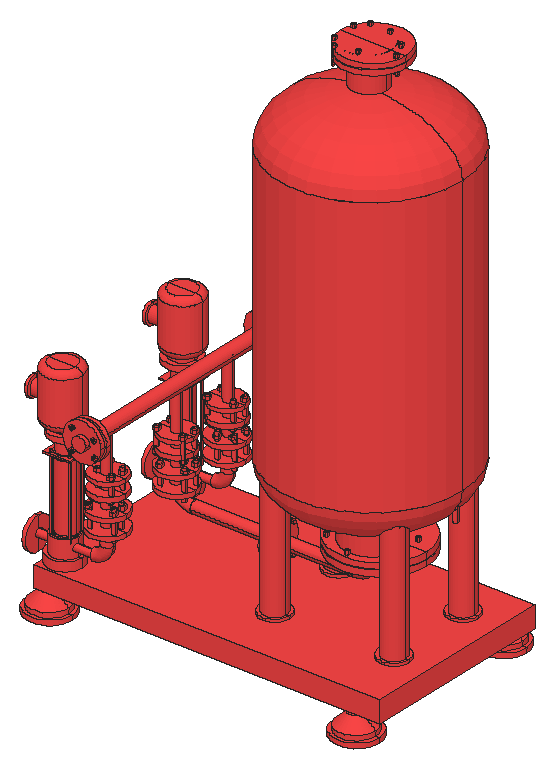
Revit family "设备111", category 常规模型, Revit 2016
Family settings
  零件类型 = 标准
  可将钢筋附着到主体 = 否
  圆形连接件大小 = 使用直径
  基于工作平面 = 否
  总是垂直 = 是
  加载时剪切的空心 = 是
  共享 = 否
  房间计算点 = 否
Parameters
  罐体 = 罐体
  124 = 罐体
Reference planes (cm)
  plane 1 "中心(前/后)": y = 0
  plane 2: z = 0
  plane 3 "中心(左/右)": x = 0
  plane 4: y = 0
  plane 5: y = -800
  plane 6: y = -690
  plane 7: y = -110
  plane 8: y = -138.8914
  plane 9: y = -119.84
  plane 10: y = 43
  plane 11: y = -818
  plane 12: y = -823
  plane 13: y = -841
  plane 14: y = -400
  plane 15: y = -425
  plane 16: y = -375
  plane 17: y = -650
  plane 18: y = -730
  plane 19: x = 423.2275
  plane 20: z = -624.2127
  plane 21: x = -606.7725
  plane 22: z = -689.2127
  plane 23: x = -416.7725
  plane 24: x = -676.7725
  plane 25: x = 823.2275
  plane 26: z = -250.2066
  plane 27: z = 0
  plane 28: z = -47.2066
  plane 29: z = -223.2066
  plane 30: y = -610
  plane 31: y = -770
  plane 32: x = 24.0846
  plane 33: x = -265.9154
  plane 34: y = -651.3887
  plane 35: y = -841.3887
  plane 36: x = -265.9154
  plane 37: x = -375.9154
  plane 38: x = 314.0846
  plane 39: x = 424.0846
  plane 40: z = -472.8651
  plane 41: z = -626.2507
Forms (cm)
  Extrusion 1, solid, material "罐体" <- "124"
    sketch origin (-6.9002, 0, -7.6669) x (1, 0, 0) y (0, 0, 1)
      loop
        circle (-416.7725, -181.2127) r 29.5
    from -122.2216 to 920
  Extrusion 2, solid, material "罐体" <- "罐体"
    sketch origin (-6.5169, 1001.2647, -7.7921) x (1, 0, 0) y (0, 0, 1)
      loop
        circle (-416.7725, -181.2127) r 49.5
      loop
        circle (-416.7725, -181.2127) r 29.5
    from 886.4502 to 896
  Extrusion 3, solid, material "罐体" <- "罐体"
    sketch origin (-7.2836, 98.2409, -8.2098) x (1, 0, 0) y (0, 0, 1)
      loop
        circle (-416.7725, -181.2127) r 82.5
    from 0 to 18
  Extrusion 4, solid, material "罐体" <- "罐体"
    sketch origin (-8.8343, -881.7591, -8.236) x (1, 0, 0) y (0, 0, 1)
      loop
        circle (-416.7725, -181.2127) r 82.5
    from 0 to 18
  Extrusion 5, solid, material "罐体" <- "罐体"
    sketch origin (-6.1553, -854, -10.1728) x (1, 0, 0) y (0, 0, 1)
      loop
        circle (-416.7725, -181.2127) r 82.5
    from 0 to 18
  Extrusion 6, solid, material "罐体" <- "罐体"
    sketch origin (133.2016, 1.0486, 0) x (1, 0, 0) y (0, 1, 0)
      loop
        circle (-555.513, -394.0571) r 20
    from -563.6441 to -182.2115
  Revolve 7, solid, material "罐体" <- "124"
    sketch origin (-4.9612, -390.7995, -11.8423) x (1, 0, 0) y (0, 0, 1)
      loop
        line (-341.7725, -350.2127) -> (-416.7725, -350.2127) -> (-416.7725, -366.2127) -> (-341.7725, -366.2127) -> (-341.7725, -350.2127)
      loop
        line (-416.7725, -408.5613) -> (-416.7725, -428.2127) -> (-341.7725, -428.2127) -> (-341.7725, -408.5613) -> (-416.7725, -408.5613)
      axis (-416.7725, -428.2127) -> (-416.7725, -350.2127)
    angle from 0 to 360
  Revolve 8, solid, material "罐体" <- "罐体"
    sketch origin (-3.4688, -357.2736, 195.0828) x (1, 0, 0) y (0, 0, 1)
      loop
        line (-361.7725, -670.1116) -> (-361.7725, -790.847) -> (-353.7725, -790.847) -> (-353.7725, -670.1116) -> (-361.7725, -670.1116)
      axis (-361.7725, -670.1116) -> (-361.7725, -790.847)
    angle from 0 to 360
  Revolve 9, solid, material "罐体" <- "罐体"
    sketch origin (-98.1865, -433.8334, 206.736) x (1, 0, 0) y (0, 0, 1)
      loop
        line (-361.7725, -681.9654) -> (-361.7725, -798.4342) -> (-353.7725, -798.4342) -> (-353.7725, -681.9654) -> (-361.7725, -681.9654)
      axis (-361.7725, -681.9654) -> (-361.7725, -798.4342)
    angle from 0 to 360
  Extrusion 10, solid, material "罐体" <- "罐体"
    sketch origin (907.4322, -254.9454, 0) x (1, 0, 0) y (0, 1, 0)
      loop
        circle (-1272.9524, -102.8824) r 8
      loop
        line (-1259.2663, -107.5951) -> (-1263.1544, -93.0844) -> (-1276.5387, -89.4981) -> (-1286.3366, -99.2961) -> (-1282.7503, -112.6804) -> (-1268.2397, -116.5685) -> (-1259.2663, -107.5951)
    from -496.1309 to -481.6123
  Extrusion 11, solid, material "罐体" <- "124"
    sketch origin (0, 618.5148, -9.103) x (0, 1, 0) y (0, 0, 1)
      loop
        circle (-1010.2882, -623.5471) r 25
    from -340.7725 to 356.6256
  Revolve 12, solid, material "罐体" <- "罐体"
    sketch origin (-3.7096, -390.9169, -11.0182) x (1, 0, 0) y (0, 0, 1)
      loop
        line (423.2275, 1271.8273) -> (423.2275, -374.2127)
        spline (423.2275, -374.2127) -> (475.4379, -372.3305) -> (526.7551, -366.7164) -> (576.3008, -357.4662) -> (623.2275, -344.7383) -> (666.732, -328.7504) -> (706.0702, -309.7762) -> (740.5688, -288.1402) -> (769.6376, -264.2127) -> (792.7793, -238.403) -> (809.5978, -211.1529) -> (819.8054, -182.9284) -> (823.2275, -154.2127)
        line (823.2275, -154.2127) -> (823.2275, 1051.8273)
        spline (823.2275, 1051.8273) -> (819.8054, 1080.5431) -> (809.5978, 1108.7675) -> (792.7793, 1136.0177) -> (769.6376, 1161.8273) -> (740.5688, 1185.7548) -> (706.0702, 1207.3908) -> (666.732, 1226.3651) -> (623.2275, 1242.3529) -> (576.3008, 1255.0808) -> (526.7551, 1264.331) -> (475.4379, 1269.9452) -> (423.2275, 1271.8273)
      axis (423.2275, 1271.8273) -> (423.2275, -374.2127)
    angle from 0 to 360
  Revolve 13, solid, material "罐体" <- "罐体"
    sketch origin (-5.8258, -372.3613, -7.3376) x (1, 0, 0) y (0, 0, 1)
      loop
        line (565.7275, 1435.783) -> (423.2275, 1435.783) -> (423.2275, 1413.8273) -> (565.7275, 1413.8273) -> (565.7275, 1435.783)
      loop
        line (565.7275, 1409.8273) -> (423.2275, 1409.8273) -> (423.2275, 1387.8273) -> (565.7275, 1387.8273) -> (565.7275, 1409.8273)
      axis (423.2275, 1435.783) -> (423.2275, 1387.8273)
    angle from 0 to 360
  Revolve 14, solid, material "罐体" <- "罐体"
    sketch origin (-36.3172, -364.0298, 5.9636) x (1, 0, 0) y (0, 0, 1)
      loop
        line (528.7275, 1413.8273) -> (423.2275, 1413.8273) -> (423.2275, 1411.8273) -> (528.7275, 1411.8273) -> (528.7275, 1413.8273)
      axis (423.2275, 1413.8273) -> (423.2275, 1411.8273)
    angle from 0 to 360
  Revolve 15, solid, material "罐体" <- "罐体"
    sketch origin (-36.0473, -370.7257, 14.0522) x (1, 0, 0) y (0, 0, 1)
      loop
        line (528.7275, 1409.8273) -> (528.7275, 1411.8273) -> (423.2275, 1411.8273) -> (423.2275, 1409.8273) -> (528.7275, 1409.8273)
      axis (423.2275, 1411.8273) -> (423.2275, 1409.8273)
    angle from 0 to 360
  Revolve 16, solid, material "罐体" <- "罐体"
    sketch origin (-31.358, -364.2709, -15.8979) x (1, 0, 0) y (0, 0, 1)
      loop
        line (498.2275, 1435.783) -> (423.2275, 1435.783) -> (423.2275, 1271.8273)
        spline (423.2275, 1271.8273) -> (429.5144, 1271.8001) -> (435.7998, 1271.7186) -> (442.0821, 1271.5828) -> (448.3597, 1271.3926) -> (454.6312, 1271.1483) -> (460.8948, 1270.8497) -> (467.1492, 1270.497) -> (473.3927, 1270.0903) -> (479.6238, 1269.6297) -> (485.841, 1269.1153) -> (492.0427, 1268.5472) -> (498.2275, 1267.9255)
        line (498.2275, 1267.9255) -> (498.2275, 1435.783)
      axis (423.2275, 1435.783) -> (423.2275, 1267.9255)
    angle from 0 to 360
  Revolve 17, solid, material "罐体" <- "124"
    sketch origin (-5.5065, -380.208, -8.9189) x (1, 0, 0) y (0, 0, 1)
      loop
        spline (548.2275, -363.1946) -> (538.1897, -364.9307) -> (528.0723, -366.5209) -> (517.8824, -367.9642) -> (507.627, -369.2597) -> (497.3132, -370.4063) -> (486.9481, -371.4033) -> (476.5389, -372.25) -> (466.0929, -372.9458) -> (455.6172, -373.4902) -> (445.119, -373.883) -> (434.6057, -374.1237) -> (424.0846, -374.2122)
        line (424.0846, -374.2122) -> (424.0846, -542.2127) -> (548.2275, -542.2127) -> (548.2275, -363.1946)
      axis (424.0846, -363.1946) -> (424.0846, -542.2127)
    angle from 0 to 360
  Revolve 18, solid, material "罐体" <- "124"
    sketch origin (-6.7111, -335.6203, -9.4524) x (1, 0, 0) y (0, 0, 1)
      loop
        line (625.7275, -486.2127) -> (424.0846, -486.2127) -> (424.0846, -512.2127) -> (625.7275, -512.2127) -> (625.7275, -486.2127)
      loop
        line (625.7275, -516.2127) -> (424.0846, -516.2127) -> (424.0846, -542.2127) -> (625.7275, -542.2127) -> (625.7275, -516.2127)
      axis (424.0846, -486.2127) -> (424.0846, -542.2127)
    angle from 0 to 360
  Sweep 19, solid, material "罐体" <- "罐体"
    path origin (9.4094, -391.7265, -9.849) x (1, 0, 0) y (0, 0, 1)
      loop
        arc (347.2275, -624.2127) -> (403.022, -599.8291) -> (422.9574, -542.2951) r 75.9212
    profile "族4 : 族4" origin (412.4314, -391.7265, -609.6782) x (-0.734295, 0, 0.67883) y (0, -1, 0)
      loop
        circle (0, 0) r 25
  Revolve 20, solid, material "罐体" <- "罐体"
    sketch origin (-5.3537, -390.6738, -7.8969) x (1, 0, 0) y (0, 0, 1)
      loop
        line (25.2275, -541.7127) -> (25.2275, -624.2127) -> (43.2275, -624.2127) -> (43.2275, -541.7127) -> (25.2275, -541.7127)
      loop
        line (21.2275, -624.2127) -> (21.2275, -541.7127) -> (3.2275, -541.7127) -> (3.2275, -624.2127) -> (21.2275, -624.2127)
      axis (43.2275, -624.2127) -> (3.2275, -624.2127)
    angle from 0 to 360
  Revolve 21, solid, material "罐体" <- "124"
    sketch origin (17.7016, -224.2451, 15.9062) x (1, 0, 0) y (0, 0, 1)
      loop
        line (130.5125, -789.4008) -> (195.5125, -789.4008) -> (195.5125, -779.5707) -> (180.5125, -779.5707) -> (180.5125, -172.4128) -> (130.5125, -172.4128) -> (130.5125, -789.4008)
      axis (130.5125, -789.4008) -> (130.5125, -172.4128)
    angle from 0 to 360
  Revolve 22, solid, material "罐体" <- "罐体"
    sketch origin (38.5533, -597.3042, 12.9148) x (1, 0, 0) y (0, 0, 1)
      loop
        line (130.5125, -789.1001) -> (195.5125, -789.1001) -> (195.5125, -778.5462) -> (180.5125, -778.5462) -> (180.5125, -171.5359) -> (130.5125, -171.5359) -> (130.5125, -789.1001)
      axis (130.5125, -789.1001) -> (130.5125, -171.5359)
    angle from 0 to 360
  Revolve 23, solid, material "罐体" <- "124"
    sketch origin (540.3804, -202.8653, 16.5968) x (1, 0, 0) y (0, 0, 1)
      loop
        line (130.5125, -789.4008) -> (195.5125, -789.4008) -> (195.5125, -779.5707) -> (180.5125, -779.5707) -> (180.5125, -174.5638) -> (130.5125, -174.5638) -> (130.5125, -789.4008)
      axis (130.5125, -789.4008) -> (130.5125, -174.5638)
    angle from 0 to 360
  Revolve 24, solid, material "罐体" <- "124"
    sketch origin (548.9663, -588.0067, 17.35) x (1, 0, 0) y (0, 0, 1)
      loop
        line (130.5125, -789.1001) -> (195.5125, -789.1001) -> (195.5125, -778.5462) -> (180.5125, -778.5462) -> (180.5125, -171.5359) -> (130.5125, -171.5359) -> (130.5125, -789.1001)
      axis (130.5125, -789.1001) -> (130.5125, -171.5359)
    angle from 0 to 360
  Revolve 25, solid, material "罐体" <- "罐体"
    sketch origin (-96.6796, -350.7509, 209.3793) x (1, 0, 0) y (0, 0, 1)
      loop
        line (-361.7725, -686.8706) -> (-361.7725, -807.9028) -> (-353.7725, -807.9028) -> (-353.7725, -686.8706) -> (-361.7725, -686.8706)
      axis (-361.7725, -686.8706) -> (-361.7725, -807.9028)
    angle from 0 to 360
  Extrusion 26, solid, material "罐体" <- "罐体"
    sketch origin (796.256, -252.4943, 0) x (1, 0, 0) y (0, 1, 0)
      loop
        circle (-1272.9524, -102.8824) r 8
      loop
        line (-1259.5681, -106.4687) -> (-1263.1544, -93.0844) -> (-1276.5387, -89.4981) -> (-1286.3366, -99.2961) -> (-1282.7503, -112.6804) -> (-1269.3661, -116.2667) -> (-1259.5681, -106.4687)
    from -362.0549 to -349.433
  Extrusion 27, solid, material "罐体" <- "罐体"
    sketch origin (908.4563, -327.6664, 0) x (1, 0, 0) y (0, 1, 0)
      loop
        circle (-1272.9524, -102.8824) r 8
      loop
        line (-1259.5681, -106.4687) -> (-1263.1544, -93.0844) -> (-1276.5387, -89.4981) -> (-1286.3366, -99.2961) -> (-1282.7503, -112.6804) -> (-1269.3661, -116.2667) -> (-1259.5681, -106.4687)
    from -362.0549 to -349.433
  Extrusion 28, solid, material "罐体" <- "罐体"
    sketch origin (814.5401, -246.3936, 0) x (1, 0, 0) y (0, 1, 0)
      loop
        circle (-1272.9524, -102.8824) r 8
      loop
        line (-1259.5681, -106.4687) -> (-1263.1544, -93.0844) -> (-1276.5387, -89.4981) -> (-1286.3366, -99.2961) -> (-1282.7503, -112.6804) -> (-1269.3661, -116.2667) -> (-1259.5681, -106.4687)
    from -496.1309 to -483.3952
  Extrusion 29, solid, material "罐体" <- "罐体"
    sketch origin (909.8383, -316.3782, 0) x (1, 0, 0) y (0, 1, 0)
      loop
        circle (-1272.9524, -102.8824) r 8
      loop
        line (-1259.5681, -106.4687) -> (-1263.1544, -93.0844) -> (-1276.5387, -89.4981) -> (-1286.3366, -99.2961) -> (-1282.7503, -112.6804) -> (-1269.3661, -116.2667) -> (-1259.5681, -106.4687)
    from -496.1309 to -485.2867
  Extrusion 30, solid, material "罐体" <- "罐体"
    sketch origin (816.7708, -246.9913, 0) x (1, 0, 0) y (0, 1, 0)
      loop
        circle (-1272.9524, -102.8824) r 8
      loop
        line (-1259.5681, -106.4687) -> (-1263.1544, -93.0844) -> (-1276.5387, -89.4981) -> (-1286.3366, -99.2961) -> (-1282.7503, -112.6804) -> (-1269.3661, -116.2667) -> (-1259.5681, -106.4687)
    from -592.4729 to -576.1306
  Extrusion 31, solid, material "罐体" <- "罐体"
    sketch origin (904.2, -297.2677, 0) x (1, 0, 0) y (0, 1, 0)
      loop
        circle (-1272.9524, -102.8824) r 8
      loop
        line (-1259.5681, -106.4687) -> (-1263.1544, -93.0844) -> (-1276.5387, -89.4981) -> (-1286.3366, -99.2961) -> (-1282.7503, -112.6804) -> (-1269.3661, -116.2667) -> (-1259.5681, -106.4687)
    from -592.4729 to -581.6536
  Extrusion 32, solid, material "罐体" <- "罐体"
    sketch origin (905.7301, -252.4188, 0) x (1, 0, 0) y (0, 1, 0)
      loop
        circle (-1272.9524, -102.8824) r 8
      loop
        line (-1259.5681, -106.4687) -> (-1263.1544, -93.0844) -> (-1276.5387, -89.4981) -> (-1286.3366, -99.2961) -> (-1282.7503, -112.6804) -> (-1269.3661, -116.2667) -> (-1259.5681, -106.4687)
    from -592.2323 to -577.2127
  Revolve 33, solid, material "罐体" <- "罐体"
    sketch origin (-2.0512, -430.5972, 234.7143) x (1, 0, 0) y (0, 0, 1)
      loop
        line (-361.7725, -692.9034) -> (-353.7725, -692.9034) -> (-353.7725, -578.8249) -> (-361.7725, -578.8249) -> (-361.7725, -692.9034)
      axis (-361.7725, -578.8249) -> (-361.7725, -692.9034)
    angle from 0 to 360
  Revolve 34, solid, material "罐体" <- "罐体"
    sketch origin (-115.5943, -430.6567, 226.0259) x (1, 0, 0) y (0, 0, 1)
      loop
        line (-361.7725, -683.8822) -> (-353.7725, -683.8822) -> (-353.7725, -572.3107) -> (-361.7725, -572.3107) -> (-361.7725, -683.8822)
      axis (-361.7725, -572.3107) -> (-361.7725, -683.8822)
    angle from 0 to 360
  Revolve 35, solid, material "罐体" <- "罐体"
    sketch origin (-1.6028, -366.4775, 211.0158) x (1, 0, 0) y (0, 0, 1)
      loop
        line (-361.7725, -669.2027) -> (-353.7725, -669.2027) -> (-353.7725, -555.0966) -> (-361.7725, -555.0966) -> (-361.7725, -669.2027)
      axis (-361.7725, -555.0966) -> (-361.7725, -669.2027)
    angle from 0 to 360
  Revolve 36, solid, material "罐体" <- "罐体"
    sketch origin (-115.7942, -356.1167, 230.3024) x (1, 0, 0) y (0, 0, 1)
      loop
        line (-361.7725, -687.0665) -> (-353.7725, -687.0665) -> (-353.7725, -576.3844) -> (-361.7725, -576.3844) -> (-361.7725, -687.0665)
      axis (-361.7725, -576.3844) -> (-361.7725, -687.0665)
    angle from 0 to 360
  Extrusion 37, solid, material "罐体" <- "罐体"
    sketch origin (795.9294, -326.5232, 0) x (1, 0, 0) y (0, 1, 0)
      loop
        circle (-1272.9524, -102.8824) r 8
      loop
        line (-1259.5681, -106.4687) -> (-1263.1544, -93.0844) -> (-1276.5387, -89.4981) -> (-1286.3366, -99.2961) -> (-1282.7503, -112.6804) -> (-1269.3661, -116.2667) -> (-1259.5681, -106.4687)
    from -362.0549 to -349.433
  Extrusion 38, solid, material "罐体" <- "罐体"
    sketch origin (910.3554, -263.3359, 0) x (1, 0, 0) y (0, 1, 0)
      loop
        circle (-1272.9524, -102.8824) r 8
      loop
        line (-1259.5681, -106.4687) -> (-1263.1544, -93.0844) -> (-1276.5387, -89.4981) -> (-1286.3366, -99.2961) -> (-1282.7503, -112.6804) -> (-1269.3661, -116.2667) -> (-1259.5681, -106.4687)
    from -362.0549 to -349.433
  Extrusion 39, solid, material "罐体" <- "罐体"
    sketch origin (796.4554, -325.6311, -85.9708) x (1, 0, 0) y (0, 1, 0)
      loop
        circle (-1272.9524, -102.8824) r 8
      loop
        line (-1259.5681, -106.4687) -> (-1263.1544, -93.0844) -> (-1276.5387, -89.4981) -> (-1286.3366, -99.2961) -> (-1282.7503, -112.6804) -> (-1269.3661, -116.2667) -> (-1259.5681, -106.4687)
    from -366.6742 to -354.0841
  Extrusion 40, solid, material "罐体" <- "罐体"
    sketch origin (796.256, -252.4943, -86.6539) x (1, 0, 0) y (0, 1, 0)
      loop
        circle (-1272.9524, -102.8824) r 8
      loop
        line (-1259.5681, -106.4687) -> (-1263.1544, -93.0844) -> (-1276.5387, -89.4981) -> (-1286.3366, -99.2961) -> (-1282.7503, -112.6804) -> (-1269.3661, -116.2667) -> (-1259.5681, -106.4687)
    from -365.9911 to -353.401
  Extrusion 41, solid, material "罐体" <- "罐体"
    sketch origin (908.3505, -266.0619, -85.9708) x (1, 0, 0) y (0, 1, 0)
      loop
        circle (-1272.9524, -102.8824) r 8
      loop
        line (-1259.5681, -106.4687) -> (-1263.1544, -93.0844) -> (-1276.5387, -89.4981) -> (-1286.3366, -99.2961) -> (-1282.7503, -112.6804) -> (-1269.3661, -116.2667) -> (-1259.5681, -106.4687)
    from -366.6742 to -354.0841
  Extrusion 42, solid, material "罐体" <- "罐体"
    sketch origin (911.3726, -324.0362, -85.5135) x (1, 0, 0) y (0, 1, 0)
      loop
        circle (-1272.9524, -102.8824) r 8
      loop
        line (-1259.5681, -106.4687) -> (-1263.1544, -93.0844) -> (-1276.5387, -89.4981) -> (-1286.3366, -99.2961) -> (-1282.7503, -112.6804) -> (-1269.3661, -116.2667) -> (-1259.5681, -106.4687)
    from -366.6742 to -354.0841
  Sweep 43, solid, material "罐体" <- "罐体"
    path origin (-1.696, -391.8963, -9.6217) x (1, 0, 0) y (0, 0, 1)
      loop
        arc (-340.7725, -623.9048) -> (-386.5915, -609.0941) -> (-414.0347, -569.5265) r 75.2068
    profile "族4 : 族4" origin (-388.2874, -391.8963, -618.7158) x (-0.596007, 0, -0.80298) y (0, -1, 0)
      loop
        circle (0, 0) r 25
  Revolve 44, solid, material "罐体" <- "罐体"
    sketch origin (-40.2495, -770.7241, -8.9981) x (1, 0, 0) y (0, 0, 1)
      loop
        line (-427.2256, -705.2127) -> (-427.2256, -689.2127) -> (-678.153, -689.2127) -> (-678.153, -705.2127) -> (-427.2256, -705.2127)
      axis (-427.2256, -689.2127) -> (-678.153, -689.2127)
    angle from 0 to 360
  Sweep 45, solid, material "罐体" <- "罐体"
    path origin (3.4334, -776.0701, -2.1609) x (1, 0, 0) y (0, 0, 1)
      loop
        arc (-471.7345, -689.2127) -> (-432.8705, -673.1147) -> (-416.7725, -634.2507) r 54.962
        line (-416.7725, -634.2507) -> (-416.7725, -570.2507)
    profile "族4 : 族4" origin (-413.3391, -776.0701, -604.4116) x (-1, 0, 0) y (0, -1, 0)
      loop
        circle (0, 0) r 25
  Extrusion 46, solid, material "罐体" <- "罐体"
    sketch origin (130.298, -373.9816, 0) x (1, 0, 0) y (0, 1, 0)
      loop
        circle (-555.513, -394.0571) r 20
    from -582.7774 to -182.2115
  Extrusion 47, solid, material "罐体" <- "罐体"
    sketch origin (1458.6075, -636.1599, 0) x (1, 0, 0) y (0, 1, 0)
      loop
        circle (-1174.5026, 175.249) r 5
      loop
        line (-1166.1374, 173.0076) -> (-1168.3789, 181.3728) -> (-1176.744, 183.6142) -> (-1182.8678, 177.4905) -> (-1180.6263, 169.1253) -> (-1172.2612, 166.8839) -> (-1166.1374, 173.0076)
    from -495.6651 to -480.0848
  Extrusion 48, solid, material "罐体" <- "罐体"
    sketch origin (1220.5251, -764.2644, 0) x (1, 0, 0) y (0, 1, 0)
      loop
        circle (-936.5247, 303.9372) r 5
    from -570.8761 to -480.0848
  Extrusion 49, solid, material "罐体" <- "罐体"
    sketch origin (1459.3714, -636.3553, 0) x (1, 0, 0) y (0, 1, 0)
      loop
        circle (-1174.5026, 175.249) r 5
      loop
        line (-1166.1374, 173.0076) -> (-1168.3789, 181.3728) -> (-1176.744, 183.6142) -> (-1182.8678, 177.4905) -> (-1180.6263, 169.1253) -> (-1172.2612, 166.8839) -> (-1166.1374, 173.0076)
    from -565.8604 to -551.6651
  Extrusion 50, solid, material "罐体" <- "罐体"
    sketch origin (1592.4629, -691.8391, 0) x (1, 0, 0) y (0, 1, 0)
      loop
        circle (-1174.5026, 175.249) r 5
      loop
        line (-1166.1374, 173.0076) -> (-1168.3789, 181.3728) -> (-1176.744, 183.6142) -> (-1182.8678, 177.4905) -> (-1180.6263, 169.1253) -> (-1172.2612, 166.8839) -> (-1166.1374, 173.0076)
    from -495.6651 to -480.0848
  Extrusion 51, solid, material "罐体" <- "罐体"
    sketch origin (1353.9972, -819.9436, 0) x (1, 0, 0) y (0, 1, 0)
      loop
        circle (-936.5247, 303.9372) r 5
    from -570.8761 to -480.0848
  Extrusion 52, solid, material "罐体" <- "罐体"
    sketch origin (1592.46, -692.0344, 0) x (1, 0, 0) y (0, 1, 0)
      loop
        circle (-1174.5026, 175.249) r 5
      loop
        line (-1166.1374, 173.0076) -> (-1168.3789, 181.3728) -> (-1176.744, 183.6142) -> (-1182.8678, 177.4905) -> (-1180.6263, 169.1253) -> (-1172.2612, 166.8839) -> (-1166.1374, 173.0076)
    from -565.8604 to -551.6651
  Extrusion 53, solid, material "罐体" <- "罐体"
    sketch origin (1724.1013, -467.6262, 0) x (1, 0, 0) y (0, 1, 0)
      loop
        circle (-1174.5026, 175.249) r 5
      loop
        line (-1166.1374, 173.0076) -> (-1168.3789, 181.3728) -> (-1176.744, 183.6142) -> (-1182.8678, 177.4905) -> (-1180.6263, 169.1253) -> (-1172.2612, 166.8839) -> (-1166.1374, 173.0076)
    from -495.6651 to -480.0848
  Extrusion 54, solid, material "罐体" <- "罐体"
    sketch origin (1487.169, -595.7307, 0) x (1, 0, 0) y (0, 1, 0)
      loop
        circle (-936.5247, 303.9372) r 5
    from -570.8761 to -480.0848
  Extrusion 55, solid, material "罐体" <- "罐体"
    sketch origin (1726.3986, -467.8216, 0) x (1, 0, 0) y (0, 1, 0)
      loop
        circle (-1174.5026, 175.249) r 5
      loop
        line (-1166.1374, 173.0076) -> (-1168.3789, 181.3728) -> (-1176.744, 183.6142) -> (-1182.8678, 177.4905) -> (-1180.6263, 169.1253) -> (-1172.2612, 166.8839) -> (-1166.1374, 173.0076)
    from -565.8604 to -551.1315
  Extrusion 56, solid, material "罐体" <- "罐体"
    sketch origin (1771.4023, -603.8185, 0) x (1, 0, 0) y (0, 1, 0)
      loop
        circle (-1174.5026, 175.249) r 5
      loop
        line (-1166.1374, 173.0076) -> (-1168.3789, 181.3728) -> (-1176.744, 183.6142) -> (-1182.8678, 177.4905) -> (-1180.6263, 169.1253) -> (-1172.2612, 166.8839) -> (-1166.1374, 173.0076)
    from -495.6651 to -480.0848
  Extrusion 57, solid, material "罐体" <- "罐体"
    sketch origin (1533.4553, -731.923, 0) x (1, 0, 0) y (0, 1, 0)
      loop
        circle (-936.5247, 303.9372) r 5
    from -570.8761 to -480.0848
  Extrusion 58, solid, material "罐体" <- "罐体"
    sketch origin (1771.1162, -604.0138, 0) x (1, 0, 0) y (0, 1, 0)
      loop
        circle (-1174.5026, 175.249) r 5
      loop
        line (-1166.1374, 173.0076) -> (-1168.3789, 181.3728) -> (-1176.744, 183.6142) -> (-1182.8678, 177.4905) -> (-1180.6263, 169.1253) -> (-1172.2612, 166.8839) -> (-1166.1374, 173.0076)
    from -565.8604 to -551.1315
  Extrusion 59, solid, material "罐体" <- "罐体"
    sketch origin (1414.1243, -452.6486, 0) x (1, 0, 0) y (0, 1, 0)
      loop
        circle (-1174.5026, 175.249) r 5
      loop
        line (-1166.1374, 173.0076) -> (-1168.3789, 181.3728) -> (-1176.744, 183.6142) -> (-1182.8678, 177.4905) -> (-1180.6263, 169.1253) -> (-1172.2612, 166.8839) -> (-1166.1374, 173.0076)
    from -494.59 to -480.0848
  Extrusion 60, solid, material "罐体" <- "罐体"
    sketch origin (1175.2753, -580.7532, 0) x (1, 0, 0) y (0, 1, 0)
      loop
        circle (-936.5247, 303.9372) r 5
    from -570.8761 to -480.0848
  Extrusion 61, solid, material "罐体" <- "罐体"
    sketch origin (1413.7382, -452.844, 0) x (1, 0, 0) y (0, 1, 0)
      loop
        circle (-1174.5026, 175.249) r 5
      loop
        line (-1166.1374, 173.0076) -> (-1168.3789, 181.3728) -> (-1176.744, 183.6142) -> (-1182.8678, 177.4905) -> (-1180.6263, 169.1253) -> (-1172.2612, 166.8839) -> (-1166.1374, 173.0076)
    from -565.8604 to -550.8857
  Extrusion 62, solid, material "罐体" <- "罐体"
    sketch origin (1593.1603, -394.6975, 0) x (1, 0, 0) y (0, 1, 0)
      loop
        circle (-1174.5026, 175.249) r 5
      loop
        line (-1166.1374, 173.0076) -> (-1168.3789, 181.3728) -> (-1176.744, 183.6142) -> (-1182.8678, 177.4905) -> (-1180.6263, 169.1253) -> (-1172.2612, 166.8839) -> (-1166.1374, 173.0076)
    from -495.6651 to -480.0848
  Extrusion 63, solid, material "罐体" <- "罐体"
    sketch origin (1354.6946, -522.802, 0) x (1, 0, 0) y (0, 1, 0)
      loop
        circle (-936.5247, 303.9372) r 5
    from -570.8761 to -480.0848
  Extrusion 64, solid, material "罐体" <- "罐体"
    sketch origin (1591.2408, -394.8928, 0) x (1, 0, 0) y (0, 1, 0)
      loop
        circle (-1174.5026, 175.249) r 5
      loop
        line (-1166.1374, 173.0076) -> (-1168.3789, 181.3728) -> (-1176.744, 183.6142) -> (-1182.8678, 177.4905) -> (-1180.6263, 169.1253) -> (-1172.2612, 166.8839) -> (-1166.1374, 173.0076)
    from -565.8604 to -550.8857
  Extrusion 65, solid, material "罐体" <- "罐体"
    sketch origin (-79.3305, -648.7081, -1608.9697) x (0, 0, -1) y (0, 1, 0)
      loop
        circle (-912.6758, 291.4758) r 5
    from 66.0916 to 140.2275
  Extrusion 66, solid, material "罐体" <- "罐体"
    sketch origin (-79.3305, -644.2375, -1481.4061) x (0, 0, -1) y (0, 1, 0)
      loop
        circle (-912.6758, 291.4758) r 5
    from 66.0916 to 140.2275
  Extrusion 67, solid, material "罐体" <- "罐体"
    sketch origin (-79.3305, -727.8046, -1480.9357) x (0, 0, -1) y (0, 1, 0)
      loop
        circle (-912.6758, 291.4758) r 5
    from 66.0916 to 140.2275
  Extrusion 68, solid, material "罐体" <- "罐体"
    sketch origin (-79.3305, -723.4238, -1609.1103) x (0, 0, -1) y (0, 1, 0)
      loop
        circle (-912.6758, 291.4758) r 5
    from 66.0916 to 140.2275
  Extrusion 69, solid, material "罐体" <- "罐体"
    sketch origin (-27.9595, -642.8577, -1477.1932) x (0, 0, -1) y (0, 1, 0)
      loop
        circle (-913.0143, 290.1917) r 5
      loop
        line (-905.108, 288.5112) -> (-907.6058, 296.1985) -> (-915.512, 297.879) -> (-920.9205, 291.8723) -> (-918.4228, 284.185) -> (-910.5165, 282.5044) -> (-905.108, 288.5112)
    from 14.7206 to 25
  Extrusion 70, solid, material "罐体" <- "罐体"
    sketch origin (-27.9595, -648.0197, -1611.6981) x (0, 0, -1) y (0, 1, 0)
      loop
        circle (-913.0143, 290.1917) r 5
      loop
        line (-905.108, 288.5112) -> (-907.6058, 296.1985) -> (-915.512, 297.879) -> (-920.9205, 291.8723) -> (-918.4228, 284.185) -> (-910.5165, 282.5044) -> (-905.108, 288.5112)
    from 14.7206 to 25
  Extrusion 71, solid, material "罐体" <- "罐体"
    sketch origin (-27.9595, -726.4585, -1476.465) x (0, 0, -1) y (0, 1, 0)
      loop
        circle (-913.0143, 290.1917) r 5
      loop
        line (-905.108, 288.5112) -> (-907.6058, 296.1985) -> (-915.512, 297.879) -> (-920.9205, 291.8723) -> (-918.4228, 284.185) -> (-910.5165, 282.5044) -> (-905.108, 288.5112)
    from 14.7206 to 25
  Extrusion 72, solid, material "罐体" <- "罐体"
    sketch origin (-27.1262, -721.7294, -1609.1572) x (0, 0, -1) y (0, 1, 0)
      loop
        circle (-913.0143, 290.1917) r 5
      loop
        line (-905.108, 288.5112) -> (-907.6058, 296.1985) -> (-915.512, 297.879) -> (-920.9205, 291.8723) -> (-918.4228, 284.185) -> (-910.5165, 282.5044) -> (-905.108, 288.5112)
    from 13.8873 to 25
  Extrusion 73, solid, material "罐体" <- "罐体"
    sketch origin (27.4837, -725.6332, -1479.1742) x (0, 0, -1) y (0, 1, 0)
      loop
        circle (-913.0143, 290.1917) r 5
      loop
        line (-905.108, 288.5112) -> (-907.6058, 296.1985) -> (-915.512, 297.879) -> (-920.9205, 291.8723) -> (-918.4228, 284.185) -> (-910.5165, 282.5044) -> (-905.108, 288.5112)
    from 10.3901 to 25
  Extrusion 74, solid, material "罐体" <- "罐体"
    sketch origin (27.4837, -641.0611, -1479.9016) x (0, 0, -1) y (0, 1, 0)
      loop
        circle (-913.0143, 290.1917) r 5
      loop
        line (-905.108, 288.5112) -> (-907.6058, 296.1985) -> (-915.512, 297.879) -> (-920.9205, 291.8723) -> (-918.4228, 284.185) -> (-910.5165, 282.5044) -> (-905.108, 288.5112)
    from 10.3901 to 25
  Extrusion 75, solid, material "罐体" <- "罐体"
    sketch origin (29.7841, -720.8205, -1609.218) x (0, 0, -1) y (0, 1, 0)
      loop
        circle (-913.0143, 290.1917) r 5
      loop
        line (-905.108, 288.5112) -> (-907.6058, 296.1985) -> (-915.512, 297.879) -> (-920.9205, 291.8723) -> (-918.4228, 284.185) -> (-910.5165, 282.5044) -> (-905.108, 288.5112)
    from 10.3901 to 22.9937
  Extrusion 76, solid, material "罐体" <- "罐体"
    sketch origin (27.4837, -646.5097, -1608.5117) x (0, 0, -1) y (0, 1, 0)
      loop
        circle (-913.0143, 290.1917) r 5
      loop
        line (-905.108, 288.5112) -> (-907.6058, 296.1985) -> (-915.512, 297.879) -> (-920.9205, 291.8723) -> (-918.4228, 284.185) -> (-910.5165, 282.5044) -> (-905.108, 288.5112)
    from 10.3901 to 25.2942
  Revolve 77, solid, material "罐体" <- "罐体"
    sketch origin (17.7735, -797.9935, 9.481) x (1, 0, 0) y (0, 0, 1)
      loop
        line (-659.4887, -347.3537) -> (-659.4887, -674.7713) -> (-656.4887, -674.7713) -> (-656.4887, -347.3537) -> (-659.4887, -347.3537)
      axis (-659.4887, -347.3537) -> (-659.4887, -674.7713)
    angle from 0 to 360
  Revolve 78, solid, material "罐体" <- "罐体"
    sketch origin (7.9918, -734.8571, 33.2724) x (1, 0, 0) y (0, 0, 1)
      loop
        line (-659.4887, -371.2227) -> (-659.4887, -699.0748) -> (-656.4887, -699.0748) -> (-656.4887, -371.2227) -> (-659.4887, -371.2227)
      axis (-659.4887, -371.2227) -> (-659.4887, -699.0748)
    angle from 0 to 360
  Revolve 79, solid, material "罐体" <- "罐体"
    sketch origin (92.861, -789.7463, -2.5782) x (1, 0, 0) y (0, 0, 1)
      loop
        line (-659.4887, -332.2031) -> (-659.4887, -678.3448) -> (-656.4887, -678.3448) -> (-656.4887, -332.2031) -> (-659.4887, -332.2031)
      axis (-659.4887, -332.2031) -> (-659.4887, -678.3448)
    angle from 0 to 360
  Revolve 80, solid, material "罐体" <- "罐体"
    sketch origin (86.2204, -711.9455, 41.6286) x (1, 0, 0) y (0, 0, 1)
      loop
        line (-659.4887, -380.2641) -> (-659.4887, -712.2005) -> (-656.4887, -712.2005) -> (-656.4887, -380.2641) -> (-659.4887, -380.2641)
      axis (-659.4887, -380.2641) -> (-659.4887, -712.2005)
    angle from 0 to 360
  Extrusion 81, solid, material "罐体" <- "罐体"
    sketch origin (-0.4618, -759.537, -2.3058) x (1, 0, 0) y (0, 0, 1)
      loop
        line (-547.5774, -349.433) -> (-547.5774, -342.9923) -> (-665.9677, -342.9923) -> (-665.9677, -349.433) -> (-547.5774, -349.433)
    from -60.9814 to 54
  Revolve 82, solid, material "罐体" <- "124"
    sketch origin (-4.1845, -759.537, -6.4113) x (1, 0, 0) y (0, 0, 1)
      loop
        line (-606.7725, -650.3544) -> (-606.7725, -770.7105) -> (-531.7725, -770.7105) -> (-531.7725, -732.2127) -> (-547.5774, -732.2127) -> (-547.5774, -656.7951) -> (-560.6213, -656.7951) -> (-560.6213, -652.8092)
        arc (-560.6213, -652.8092) -> (-561.3403, -651.0734) -> (-563.0761, -650.3544) r 2.4548
        line (-563.0761, -650.3544) -> (-606.7725, -650.3544)
      axis (-606.7725, -770.7105) -> (-606.7725, -650.3544)
    angle from 0 to 360
  Extrusion 83, solid
    sketch origin (1112.2151, -632.7097, 0) x (1, 0, 0) y (0, 1, 0)
      loop
        circle (-1685.4635, -79.1694) r 3
      loop
        line (-1681.0021, -80.3649) -> (-1682.1975, -75.9034) -> (-1686.6589, -74.708) -> (-1689.9249, -77.974) -> (-1688.7295, -82.4354) -> (-1684.2681, -83.6308) -> (-1681.0021, -80.3649)
    from -346.4978 to -341.9306
  Extrusion 84, solid, material "罐体" <- "罐体"
    sketch origin (1033.6069, -656.1636, 0) x (1, 0, 0) y (0, 1, 0)
      loop
        circle (-1685.4635, -79.1694) r 3
      loop
        line (-1681.0021, -80.3649) -> (-1682.1975, -75.9034) -> (-1686.6589, -74.708) -> (-1689.9249, -77.974) -> (-1688.7295, -82.4354) -> (-1684.2681, -83.6308) -> (-1681.0021, -80.3649)
    from -345.2981 to -341.9306
  Extrusion 85, solid, material "罐体" <- "罐体"
    sketch origin (1043.8984, -719.11, 0) x (1, 0, 0) y (0, 1, 0)
      loop
        circle (-1685.4635, -79.1694) r 3
      loop
        line (-1681.0021, -80.3649) -> (-1682.1975, -75.9034) -> (-1686.6589, -74.708) -> (-1689.9249, -77.974) -> (-1688.7295, -82.4354) -> (-1684.2681, -83.6308) -> (-1681.0021, -80.3649)
    from -345.2981 to -341.9306
  Extrusion 86, solid, material "罐体" <- "罐体"
    sketch origin (1119.0365, -712.2473, 0) x (1, 0, 0) y (0, 1, 0)
      loop
        circle (-1685.4635, -79.1694) r 3
      loop
        line (-1681.0021, -80.3649) -> (-1682.1975, -75.9034) -> (-1686.6589, -74.708) -> (-1689.9249, -77.974) -> (-1688.7295, -82.4354) -> (-1684.2681, -83.6308) -> (-1681.0021, -80.3649)
    from -342.9923 to -339.3898
  Revolve 87, solid, material "罐体" <- "124"
    sketch origin (-6.1066, -770.3229, -9.119) x (1, 0, 0) y (0, 0, 1)
      loop
        line (-606.7725, 11) -> (-606.7725, -228.2401) -> (-548.2725, -228.2401)
        arc (-548.2725, -228.2401) -> (-529.4406, -219.4243) -> (-521.7733, -200.0964) r 28.1947
        line (-521.7733, -200.0964) -> (-521.7733, -14.2107)
        arc (-521.7733, -14.2107) -> (-530.9342, 3.7686) -> (-549.7725, 11) r 28.1535
        line (-549.7725, 11) -> (-606.7725, 11)
      axis (-606.7725, -228.2401) -> (-606.7725, 11)
    angle from 0 to 360
  Revolve 88, solid, material "罐体" <- "罐体"
    sketch origin (-2.6098, -421.3199, 158.2947) x (1, 0, 0) y (0, 0, 1)
      loop
        line (-361.7725, -635.4898) -> (-361.7725, -764.2797) -> (-353.7725, -764.2797) -> (-353.7725, -635.4898) -> (-361.7725, -635.4898)
      axis (-361.7725, -635.4898) -> (-361.7725, -764.2797)
    angle from 0 to 360
  Extrusion 89, solid, material "罐体" <- "罐体"
    sketch origin (814.2263, -333.4807, 0) x (1, 0, 0) y (0, 1, 0)
      loop
        circle (-1272.9524, -102.8824) r 8
      loop
        line (-1259.5681, -106.4687) -> (-1263.1544, -93.0844) -> (-1276.5387, -89.4981) -> (-1286.3366, -99.2961) -> (-1282.7503, -112.6804) -> (-1269.3661, -116.2667) -> (-1259.5681, -106.4687)
    from -496.1309 to -483.3952
  Extrusion 90, solid, material "罐体" <- "罐体"
    sketch origin (811.2741, -331.6596, 0) x (1, 0, 0) y (0, 1, 0)
      loop
        circle (-1272.9524, -102.8824) r 8
      loop
        line (-1259.5681, -106.4687) -> (-1263.1544, -93.0844) -> (-1276.5387, -89.4981) -> (-1286.3366, -99.2961) -> (-1282.7503, -112.6804) -> (-1269.3661, -116.2667) -> (-1259.5681, -106.4687)
    from -592.4729 to -576.1306
  Revolve 91, solid, material "罐体" <- "124"
    sketch origin (-4.9435, -762.3293, -12.8423) x (1, 0, 0) y (0, 0, 1)
      loop
        line (-341.7725, -350.2127) -> (-416.7725, -350.2127) -> (-416.7725, -366.2127) -> (-341.7725, -366.2127) -> (-341.7725, -350.2127)
      loop
        line (-416.7725, -408.5613) -> (-416.7725, -428.2127) -> (-341.7725, -428.2127) -> (-341.7725, -408.5613) -> (-416.7725, -408.5613)
      axis (-416.7725, -428.2127) -> (-416.7725, -350.2127)
    angle from 0 to 360
  Revolve 92, solid, material "罐体" <- "124"
    sketch origin (-4.2352, -766.4808, -8.9182) x (1, 0, 0) y (0, 0, 1)
      loop
        line (-416.7725, -487.2127) -> (-416.7725, -505.2127) -> (-334.2725, -505.2127) -> (-334.2725, -487.2127) -> (-416.7725, -487.2127)
      loop
        line (-334.2725, -559.2127) -> (-416.7725, -559.2127) -> (-416.7725, -577.2127) -> (-334.2725, -577.2127) -> (-334.2725, -559.2127)
      axis (-416.7725, -577.2127) -> (-416.7725, -487.2127)
    angle from 0 to 360
  Revolve 93, solid, material "罐体" <- "罐体"
    sketch origin (-13.7224, -749.4522, 195.0828) x (1, 0, 0) y (0, 0, 1)
      loop
        line (-361.7725, -665.766) -> (-361.7725, -790.847) -> (-353.7725, -790.847) -> (-353.7725, -665.766) -> (-361.7725, -665.766)
      axis (-361.7725, -665.766) -> (-361.7725, -790.847)
    angle from 0 to 360
  Revolve 94, solid, material "罐体" <- "罐体"
    sketch origin (-100.8774, -811.3666, 206.736) x (1, 0, 0) y (0, 0, 1)
      loop
        line (-361.7725, -682.6615) -> (-361.7725, -798.4342) -> (-353.7725, -798.4342) -> (-353.7725, -682.6615) -> (-361.7725, -682.6615)
      axis (-361.7725, -682.6615) -> (-361.7725, -798.4342)
    angle from 0 to 360
  Extrusion 95, solid, material "罐体" <- "罐体"
    sketch origin (905.2556, -696.5103, 0) x (1, 0, 0) y (0, 1, 0)
      loop
        circle (-1272.9524, -102.8824) r 8
      loop
        line (-1259.2663, -107.5951) -> (-1263.1544, -93.0844) -> (-1276.5387, -89.4981) -> (-1286.3366, -99.2961) -> (-1282.7503, -112.6804) -> (-1268.2397, -116.5685) -> (-1259.2663, -107.5951)
    from -496.1309 to -481.6123
  Revolve 96, solid, material "罐体" <- "罐体"
    sketch origin (-81.3281, -722.2807, 209.3793) x (1, 0, 0) y (0, 0, 1)
      loop
        line (-361.7725, -677.7177) -> (-361.7725, -807.9028) -> (-353.7725, -807.9028) -> (-353.7725, -677.7177) -> (-361.7725, -677.7177)
      axis (-361.7725, -677.7177) -> (-361.7725, -807.9028)
    angle from 0 to 360
  Extrusion 97, solid, material "罐体" <- "罐体"
    sketch origin (814.7394, -605.3487, 0) x (1, 0, 0) y (0, 1, 0)
      loop
        circle (-1272.9524, -102.8824) r 8
      loop
        line (-1259.5681, -106.4687) -> (-1263.1544, -93.0844) -> (-1276.5387, -89.4981) -> (-1286.3366, -99.2961) -> (-1282.7503, -112.6804) -> (-1269.3661, -116.2667) -> (-1259.5681, -106.4687)
    from -362.0549 to -349.433
  Extrusion 98, solid, material "罐体" <- "罐体"
    sketch origin (892.6049, -695.5762, 0) x (1, 0, 0) y (0, 1, 0)
      loop
        circle (-1272.9524, -102.8824) r 8
      loop
        line (-1259.5681, -106.4687) -> (-1263.1544, -93.0844) -> (-1276.5387, -89.4981) -> (-1286.3366, -99.2961) -> (-1282.7503, -112.6804) -> (-1269.3661, -116.2667) -> (-1259.5681, -106.4687)
    from -362.0549 to -349.433
  Extrusion 99, solid, material "罐体" <- "罐体"
    sketch origin (832.0037, -612.4583, 0) x (1, 0, 0) y (0, 1, 0)
      loop
        circle (-1272.9524, -102.8824) r 8
      loop
        line (-1259.5681, -106.4687) -> (-1263.1544, -93.0844) -> (-1276.5387, -89.4981) -> (-1286.3366, -99.2961) -> (-1282.7503, -112.6804) -> (-1269.3661, -116.2667) -> (-1259.5681, -106.4687)
    from -487.2127 to -477.2127
  Extrusion 100, solid, material "罐体" <- "罐体"
    sketch origin (904.3994, -646.9883, 0) x (1, 0, 0) y (0, 1, 0)
      loop
        circle (-1272.9524, -102.8824) r 8
      loop
        line (-1259.5681, -106.4687) -> (-1263.1544, -93.0844) -> (-1276.5387, -89.4981) -> (-1286.3366, -99.2961) -> (-1282.7503, -112.6804) -> (-1269.3661, -116.2667) -> (-1259.5681, -106.4687)
    from -495.7965 to -477.4913
  Extrusion 101, solid, material "罐体" <- "罐体"
    sketch origin (832.1223, -618.5211, 0) x (1, 0, 0) y (0, 1, 0)
      loop
        circle (-1272.9524, -102.8824) r 8
      loop
        line (-1259.5681, -106.4687) -> (-1263.1544, -93.0844) -> (-1276.5387, -89.4981) -> (-1286.3366, -99.2961) -> (-1282.7503, -112.6804) -> (-1269.3661, -116.2667) -> (-1259.5681, -106.4687)
    from -592.4729 to -576.1306
  Extrusion 102, solid, material "罐体" <- "罐体"
    sketch origin (902.267, -685.3567, 0) x (1, 0, 0) y (0, 1, 0)
      loop
        circle (-1272.9524, -102.8824) r 8
      loop
        line (-1259.5681, -106.4687) -> (-1263.1544, -93.0844) -> (-1276.5387, -89.4981) -> (-1286.3366, -99.2961) -> (-1282.7503, -112.6804) -> (-1269.3661, -116.2667) -> (-1259.5681, -106.4687)
    from -592.4729 to -577.2127
  Extrusion 103, solid, material "罐体" <- "罐体"
    sketch origin (895.4766, -644.5975, 0) x (1, 0, 0) y (0, 1, 0)
      loop
        circle (-1272.9524, -102.8824) r 8
      loop
        line (-1259.5681, -106.4687) -> (-1263.1544, -93.0844) -> (-1276.5387, -89.4981) -> (-1286.3366, -99.2961) -> (-1282.7503, -112.6804) -> (-1269.3661, -116.2667) -> (-1259.5681, -106.4687)
    from -592.2323 to -577.2127
  Revolve 104, solid, material "罐体" <- "罐体"
    sketch origin (-18.3316, -798.3464, 235.381) x (1, 0, 0) y (0, 0, 1)
      loop
        line (-361.7725, -692.9034) -> (-353.7725, -692.9034) -> (-353.7725, -578.8249) -> (-361.7725, -578.8249) -> (-361.7725, -692.9034)
      axis (-361.7725, -578.8249) -> (-361.7725, -692.9034)
    angle from 0 to 360
  Revolve 105, solid, material "罐体" <- "罐体"
    sketch origin (-92.2626, -779.5304, 224.6925) x (1, 0, 0) y (0, 0, 1)
      loop
        line (-361.7725, -683.8822) -> (-353.7725, -683.8822) -> (-353.7725, -572.3107) -> (-361.7725, -572.3107) -> (-361.7725, -683.8822)
      axis (-361.7725, -572.3107) -> (-361.7725, -683.8822)
    angle from 0 to 360
  Revolve 106, solid, material "罐体" <- "罐体"
    sketch origin (-14.6047, -741.2291, 216.2187) x (1, 0, 0) y (0, 0, 1)
      loop
        line (-361.7725, -669.2027) -> (-353.7725, -669.2027) -> (-353.7725, -555.0966) -> (-361.7725, -555.0966) -> (-361.7725, -669.2027)
      axis (-361.7725, -555.0966) -> (-361.7725, -669.2027)
    angle from 0 to 360
  Revolve 107, solid, material "罐体" <- "罐体"
    sketch origin (-96.2409, -708.4642, 228.969) x (1, 0, 0) y (0, 0, 1)
      loop
        line (-361.7725, -687.0665) -> (-353.7725, -687.0665) -> (-353.7725, -576.3844) -> (-361.7725, -576.3844) -> (-361.7725, -687.0665)
      axis (-361.7725, -576.3844) -> (-361.7725, -687.0665)
    angle from 0 to 360
  Extrusion 108, solid, material "罐体" <- "罐体"
    sketch origin (819.5562, -675.4852, 0) x (1, 0, 0) y (0, 1, 0)
      loop
        circle (-1272.9524, -102.8824) r 8
      loop
        line (-1259.5681, -106.4687) -> (-1263.1544, -93.0844) -> (-1276.5387, -89.4981) -> (-1286.3366, -99.2961) -> (-1282.7503, -112.6804) -> (-1269.3661, -116.2667) -> (-1259.5681, -106.4687)
    from -362.0549 to -349.433
  Extrusion 109, solid, material "罐体" <- "罐体"
    sketch origin (896.3534, -638.0875, 0) x (1, 0, 0) y (0, 1, 0)
      loop
        circle (-1272.9524, -102.8824) r 8
      loop
        line (-1259.5681, -106.4687) -> (-1263.1544, -93.0844) -> (-1276.5387, -89.4981) -> (-1286.3366, -99.2961) -> (-1282.7503, -112.6804) -> (-1269.3661, -116.2667) -> (-1259.5681, -106.4687)
    from -362.0549 to -349.433
  Extrusion 110, solid, material "罐体" <- "罐体"
    sketch origin (819.9007, -675.473, -85.9708) x (1, 0, 0) y (0, 1, 0)
      loop
        circle (-1272.9524, -102.8824) r 8
      loop
        line (-1259.5681, -106.4687) -> (-1263.1544, -93.0844) -> (-1276.5387, -89.4981) -> (-1286.3366, -99.2961) -> (-1282.7503, -112.6804) -> (-1269.3661, -116.2667) -> (-1259.5681, -106.4687)
    from -366.6742 to -354.0841
  Extrusion 111, solid, material "罐体" <- "罐体"
    sketch origin (814.747, -606.3805, -86.6539) x (1, 0, 0) y (0, 1, 0)
      loop
        circle (-1272.9524, -102.8824) r 8
      loop
        line (-1259.5681, -106.4687) -> (-1263.1544, -93.0844) -> (-1276.5387, -89.4981) -> (-1286.3366, -99.2961) -> (-1282.7503, -112.6804) -> (-1269.3661, -116.2667) -> (-1259.5681, -106.4687)
    from -365.9911 to -353.401
  Extrusion 112, solid, material "罐体" <- "罐体"
    sketch origin (899.1801, -635.2371, -80.3106) x (1, 0, 0) y (0, 1, 0)
      loop
        circle (-1272.9524, -102.8824) r 8
      loop
        line (-1259.5681, -106.4687) -> (-1263.1544, -93.0844) -> (-1276.5387, -89.4981) -> (-1286.3366, -99.2961) -> (-1282.7503, -112.6804) -> (-1269.3661, -116.2667) -> (-1259.5681, -106.4687)
    from -366.6742 to -354.0841
  Extrusion 113, solid, material "罐体" <- "罐体"
    sketch origin (892.3024, -696.0284, -85.5135) x (1, 0, 0) y (0, 1, 0)
      loop
        circle (-1272.9524, -102.8824) r 8
      loop
        line (-1259.5681, -106.4687) -> (-1263.1544, -93.0844) -> (-1276.5387, -89.4981) -> (-1286.3366, -99.2961) -> (-1282.7503, -112.6804) -> (-1269.3661, -116.2667) -> (-1259.5681, -106.4687)
    from -366.6742 to -354.0841
  Revolve 114, solid, material "罐体" <- "罐体"
    sketch origin (-5.3007, -798.8532, 158.2947) x (1, 0, 0) y (0, 0, 1)
      loop
        line (-361.7725, -627.9932) -> (-361.7725, -756.7328) -> (-353.7725, -756.7328) -> (-353.7725, -627.9932) -> (-361.7725, -627.9932)
      axis (-361.7725, -627.9932) -> (-361.7725, -756.7328)
    angle from 0 to 360
  Extrusion 115, solid, material "罐体" <- "罐体"
    sketch origin (807.7374, -715.6955, 0) x (1, 0, 0) y (0, 1, 0)
      loop
        circle (-1272.9524, -102.8824) r 8
      loop
        line (-1259.5681, -106.4687) -> (-1263.1544, -93.0844) -> (-1276.5387, -89.4981) -> (-1286.3366, -99.2961) -> (-1282.7503, -112.6804) -> (-1269.3661, -116.2667) -> (-1259.5681, -106.4687)
    from -487.2127 to -477.2127
  Extrusion 116, solid, material "罐体" <- "罐体"
    sketch origin (808.5832, -709.1928, 0) x (1, 0, 0) y (0, 1, 0)
      loop
        circle (-1272.9524, -102.8824) r 8
      loop
        line (-1259.5681, -106.4687) -> (-1263.1544, -93.0844) -> (-1276.5387, -89.4981) -> (-1286.3366, -99.2961) -> (-1282.7503, -112.6804) -> (-1269.3661, -116.2667) -> (-1259.5681, -106.4687)
    from -592.4729 to -576.1306
  Extrusion 117, solid, material "罐体" <- "罐体"
    sketch origin (1232.4785, -736.4987, 1910.4558) x (1, 0, 0) y (0, 1, 0)
      loop
        circle (-936.5247, 303.9372) r 5
    from -545.807 to -469.9298
  Extrusion 118, solid, material "罐体" <- "罐体"
    sketch origin (1470.3472, -608.5895, 1905.3147) x (1, 0, 0) y (0, 1, 0)
      loop
        circle (-1174.5026, 175.249) r 5
      loop
        line (-1166.1374, 173.0076) -> (-1168.3789, 181.3728) -> (-1176.744, 183.6142) -> (-1182.8678, 177.4905) -> (-1180.6263, 169.1253) -> (-1172.2612, 166.8839) -> (-1166.1374, 173.0076)
    from -537.3458 to -527.6208
  Extrusion 119, solid, material "罐体" <- "罐体"
    sketch origin (1469.1931, -608.0719, 1924.83) x (1, 0, 0) y (0, 1, 0)
      loop
        circle (-1174.5026, 175.249) r 5
      loop
        line (-1166.1374, 173.0076) -> (-1168.3789, 181.3728) -> (-1176.744, 183.6142) -> (-1182.8678, 177.4905) -> (-1180.6263, 169.1253) -> (-1172.2612, 166.8839) -> (-1166.1374, 173.0076)
    from -496.3846 to -486.6492
  Extrusion 120, solid, material "罐体" <- "罐体"
    sketch origin (1679.7978, -508.3622, 1926.5294) x (1, 0, 0) y (0, 1, 0)
      loop
        circle (-1174.5026, 175.249) r 5
      loop
        line (-1166.1374, 173.0076) -> (-1168.3789, 181.3728) -> (-1176.744, 183.6142) -> (-1182.8678, 177.4905) -> (-1180.6263, 169.1253) -> (-1172.2612, 166.8839) -> (-1166.1374, 173.0076)
    from -498.084 to -486.0033
  Extrusion 121, solid, material "罐体" <- "罐体"
    sketch origin (1714.588, -576.2829, 1924.83) x (1, 0, 0) y (0, 1, 0)
      loop
        circle (-1174.5026, 175.249) r 5
      loop
        line (-1166.1374, 173.0076) -> (-1168.3789, 181.3728) -> (-1176.744, 183.6142) -> (-1182.8678, 177.4905) -> (-1180.6263, 169.1253) -> (-1172.2612, 166.8839) -> (-1166.1374, 173.0076)
    from -496.3846 to -484.3039
  Extrusion 122, solid, material "罐体" <- "罐体"
    sketch origin (1591.7012, -630.622, 1924.83) x (1, 0, 0) y (0, 1, 0)
      loop
        circle (-1174.5026, 175.249) r 5
      loop
        line (-1166.1374, 173.0076) -> (-1168.3789, 181.3728) -> (-1176.744, 183.6142) -> (-1182.8678, 177.4905) -> (-1180.6263, 169.1253) -> (-1172.2612, 166.8839) -> (-1166.1374, 173.0076)
    from -496.3846 to -486.6492
  Extrusion 123, solid, material "罐体" <- "罐体"
    sketch origin (1505.1624, -653.427, 1924.83) x (1, 0, 0) y (0, 1, 0)
      loop
        circle (-1174.5026, 175.249) r 5
      loop
        line (-1166.1374, 173.0076) -> (-1168.3789, 181.3728) -> (-1176.744, 183.6142) -> (-1182.8678, 177.4905) -> (-1180.6263, 169.1253) -> (-1172.2612, 166.8839) -> (-1166.1374, 173.0076)
    from -496.3846 to -486.6492
  Extrusion 124, solid, material "罐体" <- "罐体"
    sketch origin (1591.475, -454.704, 1924.83) x (1, 0, 0) y (0, 1, 0)
      loop
        circle (-1174.5026, 175.249) r 5
      loop
        line (-1166.1374, 173.0076) -> (-1168.3789, 181.3728) -> (-1176.744, 183.6142) -> (-1182.8678, 177.4905) -> (-1180.6263, 169.1253) -> (-1172.2612, 166.8839) -> (-1166.1374, 173.0076)
    from -496.3846 to -486.6492
  Extrusion 125, solid, material "罐体" <- "罐体"
    sketch origin (1505.0445, -455.0852, 1924.83) x (1, 0, 0) y (0, 1, 0)
      loop
        circle (-1174.5026, 175.249) r 5
      loop
        line (-1166.1374, 173.0076) -> (-1168.3789, 181.3728) -> (-1176.744, 183.6142) -> (-1182.8678, 177.4905) -> (-1180.6263, 169.1253) -> (-1172.2612, 166.8839) -> (-1166.1374, 173.0076)
    from -496.3846 to -484.3039
  Extrusion 126, solid, material "罐体" <- "罐体"
    sketch origin (1467.7616, -500.5824, 1924.83) x (1, 0, 0) y (0, 1, 0)
      loop
        circle (-1174.5026, 175.249) r 5
      loop
        line (-1166.1374, 173.0076) -> (-1168.3789, 181.3728) -> (-1176.744, 183.6142) -> (-1182.8678, 177.4905) -> (-1180.6263, 169.1253) -> (-1172.2612, 166.8839) -> (-1166.1374, 173.0076)
    from -496.3846 to -486.6492
  Extrusion 127, solid, material "罐体" <- "罐体"
    sketch origin (1231.5456, -627.7548, 1910.4558) x (1, 0, 0) y (0, 1, 0)
      loop
        circle (-936.5247, 303.9372) r 5
    from -545.807 to -469.9298
  Extrusion 128, solid, material "罐体" <- "罐体"
    sketch origin (1266.9634, -583.5575, 1910.1062) x (1, 0, 0) y (0, 1, 0)
      loop
        circle (-936.5247, 303.9372) r 5
    from -545.807 to -469.5801
  Extrusion 129, solid, material "罐体" <- "罐体"
    sketch origin (1354.7767, -584.054, 1910.4558) x (1, 0, 0) y (0, 1, 0)
      loop
        circle (-936.5247, 303.9372) r 5
    from -545.807 to -469.9298
  Extrusion 130, solid, material "罐体" <- "罐体"
    sketch origin (1442.3621, -637.3594, 1913.7759) x (1, 0, 0) y (0, 1, 0)
      loop
        circle (-936.5247, 303.9372) r 5
    from -545.807 to -471.882
  Extrusion 131, solid, material "罐体" <- "罐体"
    sketch origin (1478.5291, -704.8009, 1913.2488) x (1, 0, 0) y (0, 1, 0)
      loop
        circle (-936.5247, 303.9372) r 5
    from -553.9654 to -471.882
  Extrusion 132, solid, material "罐体" <- "罐体"
    sketch origin (1355.6808, -760.076, 1905.0904) x (1, 0, 0) y (0, 1, 0)
      loop
        circle (-936.5247, 303.9372) r 5
    from -545.807 to -464.8477
  Extrusion 133, solid, material "罐体" <- "罐体"
    sketch origin (1266.2854, -781.944, 1905.0904) x (1, 0, 0) y (0, 1, 0)
      loop
        circle (-936.5247, 303.9372) r 5
    from -545.807 to -464.8477
  Extrusion 134, solid, material "罐体" <- "罐体"
    sketch origin (1682.1246, -509.4775, 1862.5826) x (1, 0, 0) y (0, 1, 0)
      loop
        circle (-1174.5026, 175.249) r 5
      loop
        line (-1166.1374, 173.0076) -> (-1168.3789, 181.3728) -> (-1176.744, 183.6142) -> (-1182.8678, 177.4905) -> (-1180.886, 170.0943) -> (-1171.5518, 167.5932) -> (-1166.1374, 173.0076)
    from -494.6137 to -484.8887
  Extrusion 135, solid, material "罐体" <- "罐体"
    sketch origin (1592.2808, -455.8194, 1862.5826) x (1, 0, 0) y (0, 1, 0)
      loop
        circle (-1174.5026, 175.249) r 5
      loop
        line (-1166.1374, 173.0076) -> (-1168.3789, 181.3728) -> (-1176.744, 183.6142) -> (-1182.8678, 177.4905) -> (-1180.6263, 169.1253) -> (-1172.2612, 166.8839) -> (-1166.1374, 173.0076)
    from -494.6137 to -484.8887
  Extrusion 136, solid, material "罐体" <- "罐体"
    sketch origin (1715.5992, -576.3924, 1864.3535) x (1, 0, 0) y (0, 1, 0)
      loop
        circle (-1174.5026, 175.249) r 5
      loop
        line (-1166.1374, 173.0076) -> (-1168.3789, 181.3728) -> (-1176.744, 183.6142) -> (-1182.8678, 177.4905) -> (-1180.6263, 169.1253) -> (-1172.2612, 166.8839) -> (-1166.1374, 173.0076)
    from -499.7047 to -484.8887
  Extrusion 137, solid, material "罐体" <- "罐体"
    sketch origin (1505.1865, -453.9699, 1862.5826) x (1, 0, 0) y (0, 1, 0)
      loop
        circle (-1174.5026, 175.249) r 5
      loop
        line (-1166.1374, 173.0076) -> (-1168.3789, 181.3728) -> (-1176.744, 183.6142) -> (-1182.8678, 177.4905) -> (-1180.6263, 169.1253) -> (-1172.2612, 166.8839) -> (-1166.1374, 173.0076)
    from -494.6137 to -484.8887
  Extrusion 138, solid, material "罐体" <- "罐体"
    sketch origin (1468.3659, -499.5909, 1865.3784) x (1, 0, 0) y (0, 1, 0)
      loop
        circle (-1174.5026, 175.249) r 5
      loop
        line (-1166.1374, 173.0076) -> (-1168.3789, 181.3728) -> (-1176.744, 183.6142) -> (-1182.8678, 177.4905) -> (-1180.6263, 169.1253) -> (-1172.2612, 166.8839) -> (-1166.1374, 173.0076)
    from -494.6137 to -484.8887
  Extrusion 139, solid, material "罐体" <- "罐体"
    sketch origin (1505.5945, -652.8176, 1862.5826) x (1, 0, 0) y (0, 1, 0)
      loop
        circle (-1174.5026, 175.249) r 5
      loop
        line (-1166.1374, 173.0076) -> (-1168.3789, 181.3728) -> (-1176.744, 183.6142) -> (-1182.8678, 177.4905) -> (-1180.6263, 169.1253) -> (-1172.2612, 166.8839) -> (-1166.1374, 173.0076)
    from -494.6137 to -484.8887
  Extrusion 140, solid, material "罐体" <- "罐体"
    sketch origin (1594.0828, -630.3749, 1862.5826) x (1, 0, 0) y (0, 1, 0)
      loop
        circle (-1174.5026, 175.249) r 5
      loop
        line (-1166.1374, 173.0076) -> (-1168.3789, 181.3728) -> (-1176.744, 183.6142) -> (-1182.8678, 177.4905) -> (-1180.6263, 169.1253) -> (-1172.2612, 166.8839) -> (-1166.1374, 173.0076)
    from -494.6137 to -484.8887
  Extrusion 141, solid, material "罐体" <- "罐体"
    sketch origin (-95.8539, -969.9865, -8.0563) x (1, 0, 0) y (0, 0, 1)
      loop
        circle (-372.5317, -136.5852) r 5
    from -131.6912 to -64.2216
  Extrusion 142, solid
    sketch origin (-96.0357, -986.3197, -8.1454) x (1, 0, 0) y (0, 0, 1)
      loop
        circle (-372.5317, -136.5852) r 5
      loop
        line (-362.1957, -139.3547) -> (-364.9652, -129.0187) -> (-375.3012, -126.2492) -> (-382.8676, -133.8157) -> (-380.0981, -144.1516) -> (-369.7621, -146.9211) -> (-362.1957, -139.3547)
    from -141.2008 to -132.5548
  Extrusion 143, solid, material "罐体" <- "罐体"
    sketch origin (-95.5105, -986.3197, -7.7333) x (1, 0, 0) y (0, 0, 1)
      loop
        circle (-372.5317, -136.5852) r 5
      loop
        line (-362.1957, -139.3547) -> (-364.9652, -129.0187) -> (-375.3012, -126.2492) -> (-382.8676, -133.8157) -> (-380.0981, -144.1516) -> (-369.7621, -146.9211) -> (-362.1957, -139.3547)
    from -86.5606 to -80.5548
  Extrusion 144, solid
    sketch origin (-91.6434, -972.5607, -94.7855) x (1, 0, 0) y (0, 0, 1)
      loop
        circle (-372.5317, -136.5852) r 5
      loop
        line (-362.1957, -139.3547) -> (-364.9652, -129.0187) -> (-375.3012, -126.2492) -> (-382.8676, -133.8157) -> (-380.0981, -144.1516) -> (-369.7621, -146.9211) -> (-362.1957, -139.3547)
    from -131.1477 to -114.5741
  Extrusion 145, solid, material "罐体" <- "罐体"
    sketch origin (-2.2265, -969.9865, -96.3756) x (1, 0, 0) y (0, 0, 1)
      loop
        circle (-372.5317, -136.5852) r 5
    from -133.3301 to -65.3301
  Extrusion 146, solid, material "罐体" <- "罐体"
    sketch origin (-2.7059, -986.3197, -95.7381) x (1, 0, 0) y (0, 0, 1)
      loop
        circle (-372.5317, -136.5852) r 5
      loop
        line (-362.1957, -139.3547) -> (-364.9652, -129.0187) -> (-375.3012, -126.2492) -> (-382.8676, -133.8157) -> (-380.0981, -144.1516) -> (-369.7621, -146.9211) -> (-362.1957, -139.3547)
    from -142.1138 to -132.5548
